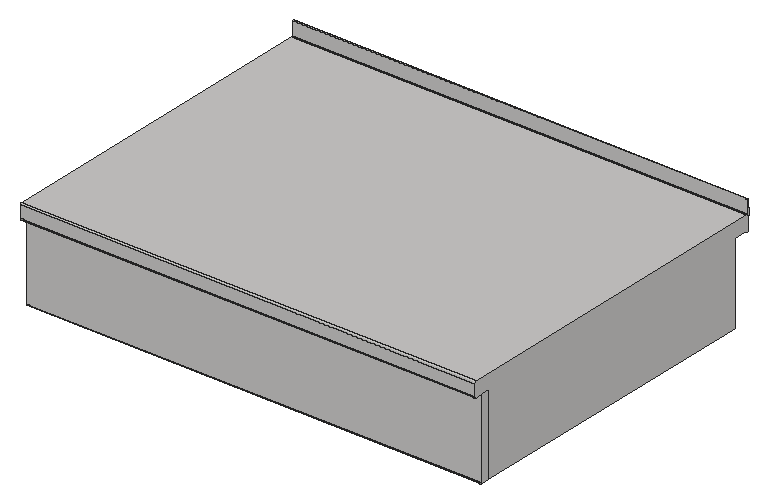
Revit family "QF_ELECTROLUXPROFESSIONAL_589171_MCNABBKOOO", category Specialty Equipment, Revit 2018
Family settings
  Round Connector Dimension = Use Diameter
  Part Type = Normal
  Work Plane-Based = No
  Always vertical = Yes
  Cut with Voids When Loaded = No
  Shared = No
  Room Calculation Point = No
Parameters
  Weight in Pounds = 88.18
  URL Cutsheet = "www.electrolux.com/professional"
  URL = "www.electrolux.com/professional"
  Type Mark [instance] = ""
  Status [instance] = ""
  Specification by User [instance] = ""
  Specification by Manufacturer = ""
  Serial Number = ""
  Seismic Rating = ""
  SMACNA No = ""
  Revision Code [instance] = ""
  Omniclass Number and Title = ""
  NAFEM Spec ID Number = ""
  Model = "589171"
  Masterspec = ""
  Manufacturer = "ELECTROLUX"
  Item Number [instance] = ""
  Installed By [instance] = ""
  Identify Quantity as Lot [instance] = yes
  Furnished By [instance] = ""
  Foodservice Equipment Identifier [instance] = yes
  Direct Waste Size = 0"
  Description = "WORK TOP,CLOSED,1S,BACKSPL,1200X900X250H"
  CSI MasterFormat = ""
  CSI Master Format = ""
Reference planes
  plane 1 "BACK": y = 0
  plane 2: z = 0
  plane 3 "LEFT": x = 0
  plane 4 "RIGHT": x = 1200
  plane 5 "FRONT": y = -900
  plane 6 "TOP": z = 250
  plane 7 "Center Y": x = 600
  plane 8 "Center X": y = -450
  plane 9: z = 288
Forms (mm)
  Extrusion 1, solid, material "QF_Finishes_Stainless Steel"
    sketch origin (0, 50.048, 0) x (0, 1, 0) y (0, 0, 1)
      loop
        line (-95.048, 213) -> (-71.412, 213) -> (-54.743, 210.061)
        arc (-54.743, 210.061) -> (-51.477, 210.936) -> (-50.048, 214) r 4
        line (-50.048, 214) -> (-50.048, 246)
        arc (-50.048, 246) -> (-51.22, 248.828) -> (-54.048, 250) r 4
        line (-54.048, 250) -> (-946.048, 250)
        arc (-946.048, 250) -> (-948.877, 248.828) -> (-950.048, 246) r 4
        line (-950.048, 246) -> (-950.048, 214)
        arc (-950.048, 214) -> (-948.619, 210.936) -> (-945.353, 210.061) r 4
        line (-945.353, 210.061) -> (-928.509, 213) -> (-905.048, 213) -> (-905.048, 0) -> (-95.048, 0) -> (-95.048, 213)
    from 0 to 1200
  Extrusion 2, solid, material "QF_Finishes_Stainless Steel"
    sketch origin (0, 50.048, 0) x (0, 1, 0) y (0, 0, 1)
      loop
        arc (-928.048, 213) -> (-929.462, 212.414) -> (-930.048, 211) r 2
        line (-930.048, 211) -> (-930.048, 2)
        arc (-930.048, 2) -> (-929.462, 0.586) -> (-928.048, 0) r 2
        line (-928.048, 0) -> (-905.048, 0) -> (-905.048, 213) -> (-928.048, 213)
    from 0 to 1200
  Extrusion 3, solid, material "QF_Finishes_Stainless Steel"
    sketch origin (0, -950.048, 0) x (0, -1, 0) y (0, 0, -1)
      loop
        arc (-948.097, -252.006) -> (-947.511, -250.592) -> (-946.097, -250.006) r 2
        arc (-946.097, -250.006) -> (-948.877, -248.828) -> (-950.048, -246) r 4
        line (-950.048, -246) -> (-950.048, -288.006) -> (-948.097, -288.006) -> (-948.097, -252.006)
    from 0 to 1200
Lines and regions (mm)
  symbolic lines
    curve 1: line (0, 0, 0) -> (1200, 0, 0)
    curve 2: line (0, -900, 0) -> (0, 0, 0)
    curve 3: line (1200, -900, 0) -> (0, -900, 0)
    curve 4: line (1200, 0, 0) -> (1200, -900, 0)
    curve 5: line (0, -1.951, 0) -> (1200, -1.951, 0)
Dimensions and locks
  equal spacing: plane 3 "LEFT", plane 7 "Center Y", plane 4 "RIGHT"
  plane 3 "LEFT" to plane 4 "RIGHT" = 1200.00 mm
  equal spacing: plane 5 "FRONT", plane 8 "Center X", plane 1 "BACK"
  plane 5 "FRONT" to plane 1 "BACK" = 900.00 mm
  plane 6 "TOP" to level = 250.00 mm
  plane 9 to level = 288.00 mm
  plane 9 to plane 6 "TOP" = 38.00 mm
  aligned and locked: level to plane 2
  aligned and locked: Extrusion 1 to plane 4 "RIGHT"
  aligned and locked: Extrusion 2 to plane 4 "RIGHT"
  aligned and locked: Extrusion 3 to plane 4 "RIGHT"
Automatic sketch dimensions
  Extrusion 1 sketch curve to plane 5 "FRONT" = 0.00 mm
  Extrusion 1 sketch curve to plane 6 "TOP" = 0.00 mm
  Extrusion 1 sketch curve to level = 0.00 mm
  Extrusion 1 sketch curve to plane 1 "BACK" = 0.00 mm
  Extrusion 1 sketch curve to plane 5 "FRONT" = 4.695 mm
  Extrusion 1 sketch curve to plane 6 "TOP" = 39.939 mm
  Extrusion 1 sketch curve to plane 5 "FRONT" = 4.00 mm  (x2)
  Extrusion 1 sketch curve to Extrusion 1 sketch curve = 16.844 mm
  Extrusion 1 sketch curve to plane 5 "FRONT" = 45.00 mm
  plane 1 "BACK" to Extrusion 1 sketch curve = 45.00 mm
  plane 1 "BACK" to Extrusion 1 sketch curve = 21.364 mm
  plane 1 "BACK" to Extrusion 1 sketch curve = 4.00 mm
  plane 1 "BACK" to Extrusion 1 sketch curve = 4.695 mm
  Extrusion 1 sketch curve to Extrusion 1 sketch curve = 0.00 mm  (x2)
  Extrusion 1 sketch curve to Extrusion 1 sketch curve = 4.00 mm
  Extrusion 1 sketch curve to plane 6 "TOP" = 37.00 mm  (x2)
  Extrusion 1 sketch curve to Extrusion 1 sketch curve = 1.00 mm
  Extrusion 2 sketch curve to level = 0.00 mm
  Extrusion 2 sketch curve to plane 5 "FRONT" = 20.00 mm
  level to Extrusion 2 sketch curve = 2.00 mm
  Extrusion 2 sketch curve to Extrusion 2 sketch curve = 2.00 mm
  Extrusion 2 sketch curve to Extrusion 2 sketch curve = 23.00 mm
  Extrusion 2 sketch curve to plane 6 "TOP" = 39.00 mm
  Extrusion 3 sketch curve to plane 1 "BACK" = 0.00 mm  (x2)
  Extrusion 3 sketch curve to plane 6 "TOP" = 2.006 mm
  Extrusion 3 sketch curve to plane 6 "TOP" = 0.00 mm
  Extrusion 3 sketch curve to plane 9 = 0.006 mm
  Extrusion 3 sketch curve to Extrusion 3 sketch curve = 1.951 mm
  Extrusion 3 sketch curve to Extrusion 3 sketch curve = 2.00 mm
  Extrusion 3 sketch curve to Extrusion 3 sketch curve = 0.049 mm
  Extrusion 3 sketch curve to Extrusion 3 sketch curve = 0.00 mm
  plane 1 "BACK" to curve 1 = 0.00 mm
  curve 1 to plane 3 "LEFT" = 0.00 mm
  curve 1 to plane 4 "RIGHT" = 0.00 mm
  plane 5 "FRONT" to curve 4 = 0.00 mm
  curve 5 to curve 1 = 1.951 mm
